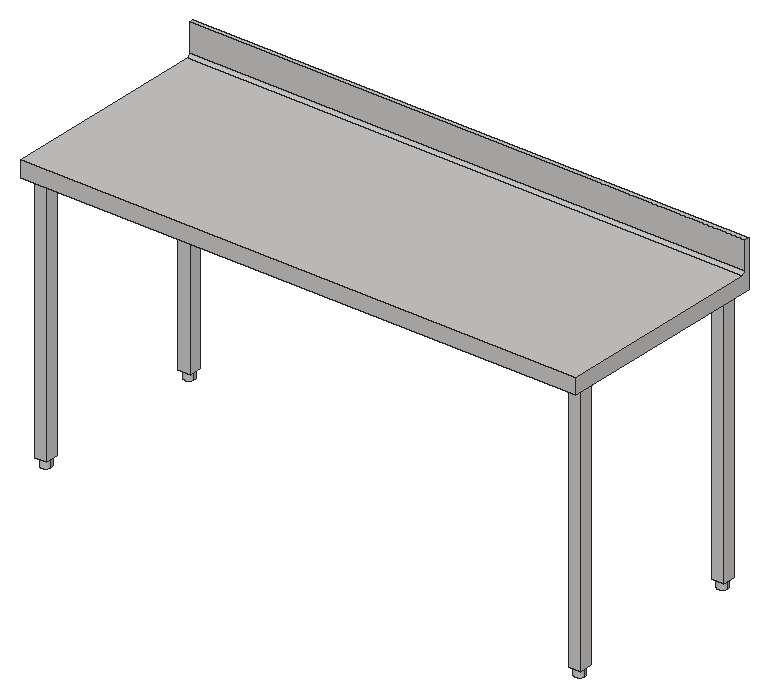
Revit family "QF_ELECTROLUXPROFESSIONAL_132849_WTD1817N", category Attrezzature speciali, Revit 2020
Family settings
  Quota connettore circolare = Usa diametro
  Tipo di parte = Normale
  Basato su piano di lavoro = No
  Sempre verticale = Sì
  Taglio con vuoti quando caricato = No
  Condiviso = No
  Punto di calcolo locali = No
Parameters (values of type "Standard")
  Weight = 57.00 kg
  Watts = 0 W
  Volts = 0 V
  URL Manufacturer = "https://www.electroluxprofessional.com/"
  URL = "https://www.electroluxprofessional.com/"
  Steam Supply Size = 0 mm
  Steam Supply Minimum Pressure = 0.0 Pa
  Steam Supply Maximum Pressure = 0.0 Pa
  Steam Consumption per Hour = 0
  Refrigeration Suction Line Size = 0.0 mm
  Refrigeration Liquid Line Size = 0.0 mm
  Refrigerant Compressor Remote = yes
  Prospetto di default = 0.0 mm
  Produttore = "Electrolux Professional"
  Phase = 0
  Modello = "WTD1817N"
  Length Actual = 1800.0 mm  # constant formula
  Item Number = "132849"
  Hot Water Size = 0 mm
  Height Actual = 900.0 mm  # constant formula
  HP = "0 HP"
  Gas Size = 0 mm
  Gas KW = 0
  Gas Input Pressure = 0 W
  Direct Waste Size = 0 mm
  Descrizione = "WORK TABLE+UPSTAND-DISASSEMBLED 1800MM"
  Depth Actual = 700.0 mm  # constant formula
  Cycle = 0 Hz
  Condensate Return Size = 0 mm
  Compressed Air Volume = 0.0 L/s
  Compressed Air Size = 0 mm
  Compressed Air Pressure = 0.0 Pa
  Cold Water Size = 0 mm
  Accessory = yes
Reference planes
  plane 1 "Center (Front/Back)": y = 0
  plane 2: z = 0
  plane 3 "Center (Left/Right)": x = -400
  plane 4 "LEFT": x = -1300
  plane 5 "RIGHT": x = 500
  plane 6 "BACK": y = 350
  plane 7 "FRONT": y = -350
  plane 8 "Base": z = 850
  plane 9 "TOP": z = 900
  plane 10: x = -1264.5
  plane 11: x = 464.5
  plane 12: y = 290
  plane 13: y = -290
Forms (mm)
  Extrusion 1, solid, material "QF_Finishes_Stainless Steel"
    sketch origin (-400, 0, 0) x (0, 1, 0) y (0, 0, 1)
      loop
        line (-350, 850) -> (350, 850) -> (350, 1000) -> (337, 1000) -> (337, 910)
        arc (337, 910) -> (334.071, 902.929) -> (327, 900) r 10
        line (327, 900) -> (-350, 900) -> (-350, 850)
    from 900 to -900
Lines and regions (mm)
  symbolic lines
    curve 1: line (500, 350, 900) -> (-1300, 350, 900)
    curve 2: line (-1300, 350, 900) -> (-1300, -350, 900)
    curve 3: line (-1300, -350, 900) -> (500, -350, 900)
    curve 4: line (500, -350, 900) -> (500, 350, 900)
    curve 5: line (500, 337, 900) -> (-1300, 337, 900)
Dimensions and locks
  plane 4 "LEFT" to plane 5 "RIGHT" = 1800.0 mm
  equal spacing: plane 4 "LEFT", plane 3 "Center (Left/Right)", plane 5 "RIGHT"
  locked: plane 8 "Base" to level at 850
  plane 4 "LEFT" to plane 10 = 35.5 mm
  plane 11 to plane 5 "RIGHT" = 35.5 mm
  plane 10 to plane 11 = 1729.0 mm
  locked: Extrusion 1 to level at 1000
  plane 9 "TOP" to level = 900.0 mm
  plane 6 "BACK" to plane 12 = 60.0 mm
  plane 13 to plane 7 "FRONT" = 60.0 mm
  plane 6 "BACK" to plane 7 "FRONT" = 700.0 mm
  plane 12 to plane 13 = 580.0 mm
  equal spacing: plane 6 "BACK", plane 1 "Center (Front/Back)", plane 7 "FRONT"
  aligned and locked: level to plane 2
  aligned and locked: plane 10 to nested 1
  aligned and locked: nested 1 to plane 13
  aligned and locked: plane 11 to nested 2
  aligned and locked: nested 2 to plane 13
  aligned and locked: plane 11 to nested 4
  aligned and locked: nested 4 to plane 12
  aligned and locked: plane 10 to nested 3
  aligned and locked: nested 3 to plane 12
  aligned and locked: Extrusion 1 to plane 4 "LEFT"
  aligned and locked: plane 5 "RIGHT" to Extrusion 1
  aligned and locked: curve 2 to plane 4 "LEFT"
Automatic sketch dimensions
  Extrusion 1 sketch curve to plane 7 "FRONT" = 0.0 mm
  Extrusion 1 sketch curve to plane 9 "TOP" = 0.0 mm
  Extrusion 1 sketch curve to plane 6 "BACK" = 0.0 mm
  Extrusion 1 sketch curve to plane 8 "Base" = 0.0 mm
  plane 9 "TOP" to Extrusion 1 sketch curve = 10.0 mm
  Extrusion 1 sketch curve to plane 6 "BACK" = 13.0 mm
  Extrusion 1 sketch curve to Extrusion 1 sketch curve = 90.0 mm
  curve 3 to plane 7 "FRONT" = 0.0 mm
  curve 5 to plane 5 "RIGHT" = 0.0 mm
  curve 4 to plane 6 "BACK" = 0.0 mm
  curve 5 to plane 6 "BACK" = 13.0 mm
Nested families
  nested 1: "FEET_40x40" at (-1264.5, -290, 0), type "FEET_40x40"
  nested 2: "FEET_40x40" at (464.5, -290, 0), type "FEET_40x40"
  nested 3: "FEET_40x40" at (-1264.5, 290, 0), type "FEET_40x40"
  nested 4: "FEET_40x40" at (464.5, 290, 0), type "FEET_40x40"
Definition of nested family "FEET_40x40"
  Parameters
    Default Elevation = 0.0 mm
    FEET = 850.0 mm
  Reference planes
    plane 1 "Center (Front/Back)": y = 0
    plane 2: z = 0
    plane 3 "Center (Left/Right)": x = 0
    plane 4: z = 850
  Forms (mm)
    Extrusion 1, solid
      sketch origin (0, 0, 0) x (1, 0, 0) y (0, 1, 0)
        loop
          line (-20, -20) -> (20, -20) -> (20, 20) -> (-20, 20) -> (-20, -20)
      from 25 to 845
    Extrusion 2, solid
      sketch origin (0, 0, 0) x (1, 0, 0) y (0, 1, 0)
        loop
          circle (0, 0) r 16
      from 0 to 25
    Extrusion 3, solid
      sketch origin (0, 0, 0) x (1, 0, 0) y (0, 1, 0)
        loop
          line (30, 30) -> (-30, 30) -> (-30, -30) -> (30, -30) -> (30, 30)
      from 845 to 850
  Lines and regions (mm)
    symbolic lines
      curve 1: line (0, -1.503, 0) -> (0, 1.508, 0)
      curve 2: line (1.561, 0, 0) -> (-1.439, 0, 0)
  Dimensions and locks
    "FEET": plane 4 to plane 2
    aligned and locked: level to plane 2
  Automatic sketch dimensions
    Extrusion 1 sketch curve to plane 3 "Center (Left/Right)" = 20.0 mm
    plane 3 "Center (Left/Right)" to Extrusion 1 sketch curve = 20.0 mm
    plane 1 "Center (Front/Back)" to Extrusion 1 sketch curve = 20.0 mm
    Extrusion 1 sketch curve to plane 1 "Center (Front/Back)" = 20.0 mm
    plane 1 "Center (Front/Back)" to Extrusion 2 sketch curve = 0.0 mm
    Extrusion 2 sketch curve to plane 3 "Center (Left/Right)" = 0.0 mm
    plane 3 "Center (Left/Right)" to Extrusion 3 sketch curve = 30.0 mm
    Extrusion 3 sketch curve to plane 1 "Center (Front/Back)" = 30.0 mm
    Extrusion 3 sketch curve to plane 3 "Center (Left/Right)" = 30.0 mm
    plane 1 "Center (Front/Back)" to Extrusion 3 sketch curve = 30.0 mm
    plane 1 "Center (Front/Back)" to curve 2 = 0.0 mm
    curve 1 to plane 3 "Center (Left/Right)" = 0.0 mm
    curve 2 to plane 3 "Center (Left/Right)" = 1.439 mm
    plane 3 "Center (Left/Right)" to curve 2 = 1.561 mm
    plane 1 "Center (Front/Back)" to curve 1 = 1.503 mm
    curve 1 to plane 1 "Center (Front/Back)" = 1.508 mm
    radius of Extrusion 2 sketch curve = 16.0 mm
